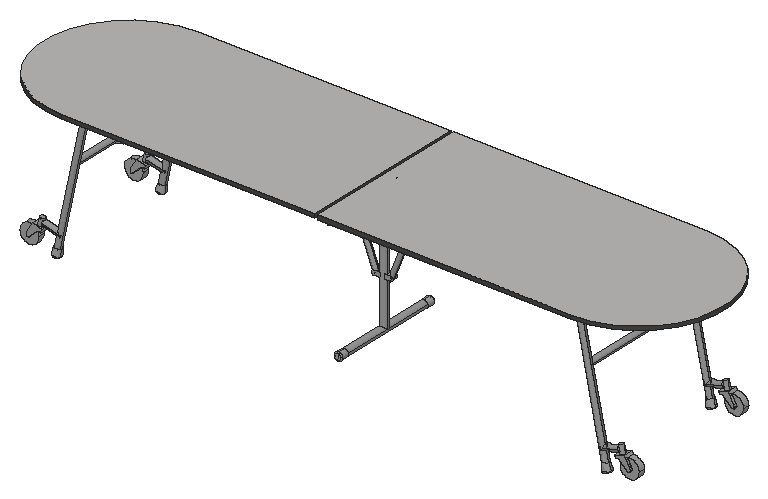
Revit family "23M El. 12 Long x 30 High WC", category Furniture, Revit 2016
Family settings
  OmniClass Number = 23.40.20.00
  OmniClass Title = General Furniture and Specialties
  Work Plane-Based = No
  Always vertical = Yes
  Cut with Voids When Loaded = No
  Shared = No
  Room Calculation Point = No
Parameters (values of type "23M15303612EL")
  Width = 3' - 0"
  Top [instance] = Palmer Hamilton Lt Gry
  Open [instance] = yes
  Model = "23M15303612EL"
  Length = 6' - 0"
  Frame [instance] = Palmer Hamilton - Frame
  Edge [instance] = Palmer Hamilton - Edge
  Closed [instance] = not(Open)  # no
Reference planes (in)
  plane 1 "Center Front/Back": y = 0
  plane 2: z = 0
  plane 3 "Center Left/Right": x = 0
  plane 4: x = -63.24988
Forms (in)
  Extrusion 1, solid, visible <- "Open"
    sketch origin (0, 0, 0) x (1, 0, 0) y (0, 1, 0)
      loop
        arc (-54, 18) -> (-72, 0) -> (-54, -18) r 18
        line (-54, -18) -> (-0.375, -18) -> (-0.375, 18) -> (-54, 18)
    from 29.47242 to 30.28742
  Extrusion 2, solid, material "Palmer Hamilton - Frame" <- "Frame", visible <- "Open"
    sketch origin (0, 0, 0) x (1, 0, 0) y (0, 1, 0)
      loop
        line (-1, 14.5647) -> (-56.00047, 14.5647) -> (-56.00047, 14.4397) -> (-1, 14.4397) -> (-1, 14.5647)
      loop
        line (-1, -14.5647) -> (-1, -14.4397) -> (-56.00047, -14.4397) -> (-56.00047, -14.5647) -> (-1, -14.5647)
      loop
        line (-1, -2.9406) -> (-1, -2.8156) -> (-11.25, -2.8156) -> (-11.25, -2.9406) -> (-1, -2.9406)
      loop
        line (-11.25, 2.6994) -> (-11.25, 2.5744) -> (-1, 2.5744) -> (-1, 2.6994) -> (-11.25, 2.6994)
    from 27.72242 to 29.47242
  Extrusion 3, solid, material "Palmer Hamilton - Frame" <- "Frame", visible <- "Open"
    sketch origin (0, 0, 3.05459) x (1, 0, 0) y (0, 0, 1)
      loop
        line (-1, 25.71687) -> (-1, 26.41783) -> (-2.2141, 26.41783) -> (-2.2141, 24.66783) -> (-1.68301, 24.66783) -> (-0.3125, 23.87657)
        arc (-0.3125, 23.87657) -> (0.54127, 24.10533) -> (0.3125, 24.9591) r 0.625
        line (0.3125, 24.9591) -> (-1, 25.71687)
    from 14.5647 to 14.6547
  Extrusion 4, solid, material "Palmer Hamilton - Frame" <- "Frame", visible <- "Open"
    sketch origin (0, 0, 3.05459) x (1, 0, 0) y (0, 0, 1)
      loop
        line (-1, 25.71687) -> (-1, 26.41783) -> (-2.2141, 26.41783) -> (-2.2141, 24.66783) -> (-1.68301, 24.66783) -> (-0.3125, 23.87657)
        arc (-0.3125, 23.87657) -> (0.54127, 24.10533) -> (0.3125, 24.9591) r 0.625
        line (0.3125, 24.9591) -> (-1, 25.71687)
    from -14.4397 to -14.2345
  Extrusion 5, solid, material "Palmer Hamilton - Frame" <- "Frame", visible <- "Open"
    sketch origin (-20.91233, -1.84334, -4.2038) x (0.97817, 0, -0.207805) y (0, 1, 0)
      loop
        circle (-37.61218, -11.99504) r 0.625
    from -1.73801 to 25.54283
  Extrusion 6, solid, material "Palmer Hamilton - Frame" <- "Frame", visible <- "Open"
    sketch origin (-26.09098, -1.84334, -7.59113) x (0.96853, 0, -0.248899) y (0, 1, 0)
      loop
        circle (-37.61218, -11.99504) r 0.5
    from 3.24005 to 4.80312
  Extrusion 7, solid, material "Palmer Hamilton - Frame" <- "Frame", visible <- "Open"
    sketch origin (-18.63625, -1.84334, -8.39066) x (0, 1, 0) y (0.248899, 0, 0.96853)
      loop
        circle (-11.99504, 2.93123) r 0.625
    from -44.60154 to -40.56576
  Extrusion 8, solid, material "Palmer Hamilton - Steel", visible <- "Open"
    sketch origin (-11.89553, 0, 0) x (1, 0, 0) y (0, 0, 1)
      loop
        line (-52.03289, 3.19045) -> (-52.13109, 2.60323)
        arc (-52.13109, 2.60323) -> (-52.09644, 2.45601) -> (-51.96719, 2.37748) r 0.19565
        line (-51.96719, 2.37748) -> (-51.66391, 2.3319) -> (-49.7575, 4.11073) -> (-49.03037, 4.04579) -> (-48.86921, 4.64752) -> (-50.88816, 5.18826) -> (-52.03289, 3.19045)
    from 12.75797 to 14.81873
  Extrusion 9, solid, material "Palmer Hamilton - Caster", visible <- "Open"
    sketch origin (-11.89553, 0, 0) x (1, 0, 0) y (0, 0, 1)
      loop
        circle (-51.73769, 2.82768) r 2
    from 13.19373 to 14.44373
  Revolve 10, solid, material "Palmer Hamilton - Caster", visible <- "Open"
    sketch origin (-12.50496, -13.81873, 0.12954) x (1, 0, 0) y (0, 0, 1)
      loop
        line (-45.5482, 1.78014) -> (-46.23778, 1.92672) -> (-46.75081, 0.51718)
        arc (-46.75081, 0.51718) -> (-46.74816, 0.39542) -> (-46.66395, 0.30744) r 0.16803
        line (-46.66395, 0.30744) -> (-45.89593, 0.14419) -> (-45.5482, 1.78014)
      axis (-45.5482, 1.78014) -> (-45.89593, 0.14419)
    angle from 0 to 360
  Extrusion 11, solid, material "Palmer Hamilton - Frame" <- "Frame", visible <- "Open"
    sketch origin (-20.91233, 1.84334, -4.2038) x (0.97817, 0, -0.207805) y (0, 1, 0)
      loop
        circle (-37.61218, 11.99504) r 0.625
    from -1.73801 to 25.54283
  Extrusion 12, solid, material "Palmer Hamilton - Frame" <- "Frame", visible <- "Open"
    sketch origin (-26.09098, 1.84334, -7.59113) x (0.96853, 0, -0.248899) y (0, 1, 0)
      loop
        circle (-37.61218, 11.99504) r 0.5
    from 3.24005 to 4.80312
  Extrusion 13, solid, material "Palmer Hamilton - Frame" <- "Frame", visible <- "Open"
    sketch origin (-18.63625, 1.84334, -8.39066) x (0, -1, 0) y (-0.248899, 0, -0.96853)
      loop
        circle (-11.99504, -2.93123) r 0.625
    from -44.60154 to -40.56576
  Extrusion 14, solid, material "Palmer Hamilton - Steel", visible <- "Open"
    sketch origin (-11.89553, 0, 0) x (1, 0, 0) y (0, 0, -1)
      loop
        line (-52.03289, -3.19045) -> (-50.88816, -5.18826) -> (-48.86921, -4.64752) -> (-49.03037, -4.04579) -> (-49.7575, -4.11073) -> (-51.66391, -2.3319) -> (-51.96719, -2.37748)
        arc (-51.96719, -2.37748) -> (-52.09644, -2.45601) -> (-52.13109, -2.60323) r 0.19565
        line (-52.13109, -2.60323) -> (-52.03289, -3.19045)
    from 12.75797 to 14.81873
  Extrusion 15, solid, material "Palmer Hamilton - Caster", visible <- "Open"
    sketch origin (-11.89553, 0, 0) x (1, 0, 0) y (0, 0, -1)
      loop
        circle (-51.73769, -2.82768) r 2
    from 13.19373 to 14.44373
  Revolve 16, solid, material "Palmer Hamilton - Caster", visible <- "Open"
    sketch origin (-12.50496, 13.81873, 0.12954) x (1, 0, 0) y (0, 0, -1)
      loop
        line (-45.5482, -1.78014) -> (-45.89593, -0.14419) -> (-46.66395, -0.30744)
        arc (-46.66395, -0.30744) -> (-46.74816, -0.39542) -> (-46.75081, -0.51718) r 0.16803
        line (-46.75081, -0.51718) -> (-46.23778, -1.92672) -> (-45.5482, -1.78014)
      axis (-45.5482, -1.78014) -> (-45.89593, -0.14419)
    angle from 0 to 360
  Extrusion 17, solid, material "Palmer Hamilton - Frame" <- "Frame", visible <- "Open"
    sketch origin (-11.89553, 0, 3.05459) x (1, 0, 0) y (0, 0, 1)
      loop
        circle (-42.48052, 16.22033) r 0.625
    from -13.80887 to 13.79175
  Extrusion 18, solid, material "Palmer Hamilton - Frame" <- "Frame", visible <- "Open"
    sketch origin (0, 0, -0.05827) x (1, 0, 0) y (0, 0, 1)
      loop
        circle (0, 0.81533) r 0.75
    from -10.64625 to 10.58375
  Revolve 19, solid, material "Palmer Hamilton - Caster", visible <- "Open"
    sketch origin (0, 0, 0) x (0, 1, 0) y (0, 0, 1)
      loop
        arc (-12.1243, 1.60492) -> (-12.21555, 1.56995) -> (-12.25375, 1.48) r 0.125
        line (-12.25375, 1.48) -> (-12.25375, 0.77853) -> (-10.58375, 0.77853) -> (-10.58375, 1.55) -> (-12.1243, 1.60492)
      axis (-10.58375, 0.77853) -> (-12.25375, 0.77853)
    angle from 0 to 360
  Revolve 20, solid, material "Palmer Hamilton - Caster", visible <- "Open"
    sketch origin (0, 0, 0) x (0, -1, 0) y (0, 0, 1)
      loop
        arc (-12.1243, 1.60492) -> (-12.21555, 1.56995) -> (-12.25375, 1.48) r 0.125
        line (-12.25375, 1.48) -> (-12.25375, 0.77853) -> (-10.58375, 0.77853) -> (-10.58375, 1.55) -> (-12.1243, 1.60492)
      axis (-10.58375, 0.77853) -> (-12.25375, 0.77853)
    angle from 0 to 360
  Extrusion 21, solid, material "Palmer Hamilton - Frame" <- "Frame", visible <- "Open"
    sketch origin (0, 0, 0) x (1, 0, 0) y (0, 1, 0)
      loop
        circle (0, 0) r 0.75
    from 0.78805 to 29.47242
  Extrusion 22, solid, material "Palmer Hamilton - Frame" <- "Frame", visible <- "Open"
    sketch origin (8.36945, 0, 7.77401) x (0.931065, 0, 0.364854) y (0, 1, 0)
      loop
        circle (-8.10904, 0) r 0.5
    from 6.40638 to 25.54283
  Extrusion 23, solid, material "Palmer Hamilton - Frame" <- "Frame", visible <- "Open"
    sketch origin (0, 0, 3.05459) x (1, 0, 0) y (0, 0, 1)
      loop
        arc (-1.632, 8.5165) -> (-2.132, 8.0165) -> (-1.632, 7.5165) r 0.5
        line (-1.632, 7.5165) -> (1.632, 7.5165)
        arc (1.632, 7.5165) -> (2.132, 8.0165) -> (1.632, 8.5165) r 0.5
        line (1.632, 8.5165) -> (-1.632, 8.5165)
    from -0.69625 to 0.63375
  Extrusion 24, solid, material "Palmer Hamilton - Frame" <- "Frame", visible <- "Open"
    sketch origin (-11.89553, 0, 3.05459) x (1, 0, 0) y (0, 0, 1)
      loop
        arc (-40.07379, 16.44822) -> (-39.75284, 17.07829) -> (-40.38291, 17.39924) r 0.5
        line (-40.38291, 17.39924) -> (-42.23788, 16.7963) -> (-41.9787, 15.82905) -> (-40.07379, 16.44822)
    from 2.89343 to 4.17468
  Sweep 25, solid, material "Palmer Hamilton - Frame" <- "Frame", visible <- "Open"
    path origin (0, -3.5, 3.05459) x (1, 0, 0) y (0, 0, 1)
      loop
        line (-52.73102, 16.79648) -> (-30.21127, 22.57778)
        arc (-30.21127, 22.57778) -> (-29.96808, 22.62958) -> (-29.72145, 22.66105) r 3
        line (-29.72145, 22.66105) -> (0, 25.2081)
    profile origin (-41.47114, -3.5, 22.74172) x (-0.248658, 0, 0.968591) y (0, -1, 0)
      loop
        circle (0.00202, 0) r 0.5
  Extrusion 26, solid, material "Palmer Hamilton - Frame" <- "Frame", visible <- "Open"
    sketch origin (0, 0, 0) x (-1, 0, 0) y (0, -1, 0)
      loop
        circle (0, 0) r 0.75
    from 0.78805 to 29.47242
  Extrusion 27, solid, visible <- "Closed"
    sketch origin (26.75135, 0, 74.24432) x (0.235142, 0, 0.971961) y (0, 1, 0)
      loop
        arc (-57.85714, 18) -> (-75.85714, 0) -> (-57.85714, -18) r 18
        line (-57.85714, -18) -> (1.76786, -18) -> (1.76786, 18) -> (-57.85714, 18)
    from 29.47242 to 30.28742
  Extrusion 28, solid, material "Palmer Hamilton - Frame" <- "Frame", visible <- "Closed"
    sketch origin (26.75135, 0, 74.24432) x (0.235142, 0, 0.971961) y (0, 1, 0)
      loop
        line (-1, 14.5647) -> (-56.00047, 14.5647) -> (-56.00047, 14.4397) -> (-1, 14.4397) -> (-1, 14.5647)
      loop
        line (-1, -14.5647) -> (-1, -14.4397) -> (-56.00047, -14.4397) -> (-56.00047, -14.5647) -> (-1, -14.5647)
      loop
        line (-1, -2.9406) -> (-1, -2.8156) -> (-11.25, -2.8156) -> (-11.25, -2.9406) -> (-1, -2.9406)
      loop
        line (-11.25, 2.6994) -> (-11.25, 2.5744) -> (-1, 2.5744) -> (-1, 2.6994) -> (-11.25, 2.6994)
    from 27.72242 to 29.47242
  Extrusion 29, solid, material "Palmer Hamilton - Frame" <- "Frame", visible <- "Closed"
    sketch origin (23.78241, 0, 74.96259) x (0.235142, 0, 0.971961) y (-0.971961, 0, 0.235142)
      loop
        line (-1, 25.71687) -> (-1, 26.41783) -> (-2.2141, 26.41783) -> (-2.2141, 24.66783) -> (-1.68301, 24.66783) -> (-0.3125, 23.87657)
        arc (-0.3125, 23.87657) -> (0.54127, 24.10533) -> (0.3125, 24.9591) r 0.625
        line (0.3125, 24.9591) -> (-1, 25.71687)
    from 14.5647 to 14.6547
  Extrusion 30, solid, material "Palmer Hamilton - Frame" <- "Frame", visible <- "Closed"
    sketch origin (23.78241, 0, 74.96259) x (0.235142, 0, 0.971961) y (-0.971961, 0, 0.235142)
      loop
        line (-1, 25.71687) -> (-1, 26.41783) -> (-2.2141, 26.41783) -> (-2.2141, 24.66783) -> (-1.68301, 24.66783) -> (-0.3125, 23.87657)
        arc (-0.3125, 23.87657) -> (0.54127, 24.10533) -> (0.3125, 24.9591) r 0.625
        line (0.3125, 24.9591) -> (-1, 25.71687)
    from -14.4397 to -14.2345
  Extrusion 31, solid, material "Palmer Hamilton - Frame" <- "Frame", visible <- "Closed"
    sketch origin (0, 0, 41.82648) x (1, 0, 0) y (0, 0, 1)
      loop
        circle (0, 0.81533) r 0.75
    from -10.64625 to 10.58375
  Revolve 32, solid, material "Palmer Hamilton - Caster", visible <- "Closed"
    sketch origin (0, 0, 41.88475) x (0, 1, 0) y (0, 0, 1)
      loop
        arc (-12.1243, 1.60492) -> (-12.21555, 1.56995) -> (-12.25375, 1.48) r 0.125
        line (-12.25375, 1.48) -> (-12.25375, 0.77853) -> (-10.58375, 0.77853) -> (-10.58375, 1.55) -> (-12.1243, 1.60492)
      axis (-10.58375, 0.77853) -> (-12.25375, 0.77853)
    angle from 0 to 360
  Revolve 33, solid, material "Palmer Hamilton - Caster", visible <- "Closed"
    sketch origin (0, 0, 41.88475) x (0, -1, 0) y (0, 0, 1)
      loop
        arc (-12.1243, 1.60492) -> (-12.21555, 1.56995) -> (-12.25375, 1.48) r 0.125
        line (-12.25375, 1.48) -> (-12.25375, 0.77853) -> (-10.58375, 0.77853) -> (-10.58375, 1.55) -> (-12.1243, 1.60492)
      axis (-10.58375, 0.77853) -> (-12.25375, 0.77853)
    angle from 0 to 360
  Extrusion 34, solid, material "Palmer Hamilton - Frame" <- "Frame", visible <- "Closed"
    sketch origin (7.0686, 0, 47.03343) x (0.995588, 0, 0.093832) y (0, 1, 0)
      loop
        circle (-8.10904, 0) r 0.5
    from 6.40638 to 25.54283
  Extrusion 35, solid, material "Palmer Hamilton - Frame" <- "Frame", visible <- "Closed"
    sketch origin (0, 0, 44.93934) x (1, 0, 0) y (0, 0, 1)
      loop
        arc (-1.632, 8.5165) -> (-2.132, 8.0165) -> (-1.632, 7.5165) r 0.5
        line (-1.632, 7.5165) -> (1.632, 7.5165)
        arc (1.632, 7.5165) -> (2.132, 8.0165) -> (1.632, 8.5165) r 0.5
        line (1.632, 8.5165) -> (-1.632, 8.5165)
    from -0.69625 to 0.63375
  Extrusion 36, solid, material "Palmer Hamilton - Frame" <- "Frame", visible <- "Open"
    sketch origin (0, 0, 0) x (1, 0, 0) y (0, 1, 0)
      loop
        circle (0, 0) r 0.75
    from 0.78805 to 29.47242
  Extrusion 37, solid, material "Palmer Hamilton - Frame" <- "Frame", visible <- "Closed"
    sketch origin (0, 0, 0) x (-1, 0, 0) y (0, -1, 0)
      loop
        circle (0, 0) r 0.75
    from 42.69519 to 81.05124
  Extrusion 38, solid, material "Palmer Hamilton - Frame" <- "Frame", visible <- "Closed"
    sketch origin (26.3903, -1.84334, 7.9715) x (0.995976, 0, 0.089617) y (0, 1, 0)
      loop
        circle (-37.61218, -11.99504) r 0.625
    from -1.73801 to 25.54283
  Extrusion 39, solid, material "Palmer Hamilton - Frame" <- "Frame", visible <- "Closed"
    sketch origin (22.43953, -1.84334, 3.20875) x (0.998871, 0, 0.047507) y (0, 1, 0)
      loop
        circle (-37.61218, -11.99504) r 0.5
    from 3.24005 to 4.80312
  Extrusion 40, solid, material "Palmer Hamilton - Frame" <- "Frame", visible <- "Closed"
    sketch origin (29.79892, -1.84334, 4.64109) x (0, 1, 0) y (-0.047507, 0, 0.998871)
      loop
        circle (-11.99504, 2.93123) r 0.625
    from -44.60154 to -40.56576
  Extrusion 41, solid, material "Palmer Hamilton - Steel", visible <- "Closed"
    sketch origin (33.7683, 0, 14.64532) x (0.955612, 0, 0.294629) y (-0.294629, 0, 0.955612)
      loop
        line (-52.03289, 3.19045) -> (-52.13109, 2.60323)
        arc (-52.13109, 2.60323) -> (-52.09644, 2.45601) -> (-51.96719, 2.37748) r 0.19565
        line (-51.96719, 2.37748) -> (-51.66391, 2.3319) -> (-49.7575, 4.11073) -> (-49.03037, 4.04579) -> (-48.86921, 4.64752) -> (-50.88816, 5.18826) -> (-52.03289, 3.19045)
    from 12.75797 to 14.81873
  Extrusion 42, solid, material "Palmer Hamilton - Caster", visible <- "Closed"
    sketch origin (33.7683, 0, 14.64532) x (0.955612, 0, 0.294629) y (-0.294629, 0, 0.955612)
      loop
        circle (-51.73769, 2.82768) r 2
    from 13.19373 to 14.44373
  Revolve 43, solid, material "Palmer Hamilton - Caster", visible <- "Closed"
    sketch origin (33.14776, -13.81873, 14.58955) x (0.955612, 0, 0.294629) y (-0.294629, 0, 0.955612)
      loop
        line (-45.5482, 1.78014) -> (-46.23778, 1.92672) -> (-46.75081, 0.51718)
        arc (-46.75081, 0.51718) -> (-46.74816, 0.39542) -> (-46.66395, 0.30744) r 0.16803
        line (-46.66395, 0.30744) -> (-45.89593, 0.14419) -> (-45.5482, 1.78014)
      axis (-45.5482, 1.78014) -> (-45.89593, 0.14419)
    angle from 0 to 360
  Extrusion 44, solid, material "Palmer Hamilton - Frame" <- "Frame", visible <- "Closed"
    sketch origin (26.3903, 1.84334, 7.9715) x (0.995976, 0, 0.089617) y (0, 1, 0)
      loop
        circle (-37.61218, 11.99504) r 0.625
    from -1.73801 to 25.54283
  Extrusion 45, solid, material "Palmer Hamilton - Frame" <- "Frame", visible <- "Closed"
    sketch origin (22.43953, 1.84334, 3.20875) x (0.998871, 0, 0.047507) y (0, 1, 0)
      loop
        circle (-37.61218, 11.99504) r 0.5
    from 3.24005 to 4.80312
  Extrusion 46, solid, material "Palmer Hamilton - Frame" <- "Frame", visible <- "Closed"
    sketch origin (29.79892, 1.84334, 4.64109) x (0, -1, 0) y (0.047507, 0, -0.998871)
      loop
        circle (-11.99504, -2.93123) r 0.625
    from -44.60154 to -40.56576
  Extrusion 47, solid, material "Palmer Hamilton - Steel", visible <- "Closed"
    sketch origin (33.7683, 0, 14.64532) x (0.955612, 0, 0.294629) y (0.294629, 0, -0.955612)
      loop
        line (-52.03289, -3.19045) -> (-50.88816, -5.18826) -> (-48.86921, -4.64752) -> (-49.03037, -4.04579) -> (-49.7575, -4.11073) -> (-51.66391, -2.3319) -> (-51.96719, -2.37748)
        arc (-51.96719, -2.37748) -> (-52.09644, -2.45601) -> (-52.13109, -2.60323) r 0.19565
        line (-52.13109, -2.60323) -> (-52.03289, -3.19045)
    from 12.75797 to 14.81873
  Extrusion 48, solid, material "Palmer Hamilton - Caster", visible <- "Closed"
    sketch origin (33.7683, 0, 14.64532) x (0.955612, 0, 0.294629) y (0.294629, 0, -0.955612)
      loop
        circle (-51.73769, -2.82768) r 2
    from 13.19373 to 14.44373
  Revolve 49, solid, material "Palmer Hamilton - Caster", visible <- "Closed"
    sketch origin (33.14776, 13.81873, 14.58955) x (0.955612, 0, 0.294629) y (0.294629, 0, -0.955612)
      loop
        line (-45.5482, -1.78014) -> (-45.89593, -0.14419) -> (-46.66395, -0.30744)
        arc (-46.66395, -0.30744) -> (-46.74816, -0.39542) -> (-46.75081, -0.51718) r 0.16803
        line (-46.75081, -0.51718) -> (-46.23778, -1.92672) -> (-45.5482, -1.78014)
      axis (-45.5482, -1.78014) -> (-45.89593, -0.14419)
    angle from 0 to 360
  Extrusion 50, solid, material "Palmer Hamilton - Frame" <- "Frame", visible <- "Closed"
    sketch origin (32.86833, 0, 17.56432) x (0.955612, 0, 0.294629) y (-0.294629, 0, 0.955612)
      loop
        circle (-42.48052, 16.22033) r 0.625
    from -13.80887 to 13.79175
  Extrusion 51, solid, material "Palmer Hamilton - Frame" <- "Frame", visible <- "Closed"
    sketch origin (32.86833, 0, 17.56432) x (0.955612, 0, 0.294629) y (-0.294629, 0, 0.955612)
      loop
        arc (-40.07379, 16.44822) -> (-39.75284, 17.07829) -> (-40.38291, 17.39924) r 0.5
        line (-40.38291, 17.39924) -> (-42.23788, 16.7963) -> (-41.9787, 15.82905) -> (-40.07379, 16.44822)
    from 2.89343 to 4.17468
  Sweep 52, solid, material "Palmer Hamilton - Frame" <- "Frame", visible <- "Closed"
    path origin (0, 0, 0) x (1, 0, 0) y (0, 0, 1)
      loop
        line (-10.66963, 21.44157) -> (-7.77541, 44.43151)
        arc (-7.77541, 44.43151) -> (-7.73416, 44.6767) -> (-7.67274, 44.91764) r 3
        line (-7.67274, 44.91764) -> (1.86825, 76.76936)
    profile origin (-9.22252, 0, 32.93654) x (-0.992169, 0, 0.124905) y (0, -1, 0)
      loop
        circle (0, 0) r 0.5
  Extrusion 53, solid, visible <- "Open"
    sketch origin (0, 0, 0) x (-1, 0, 0) y (0, -1, 0)
      loop
        arc (-54, 18) -> (-72, 0) -> (-54, -18) r 18
        line (-54, -18) -> (-0.375, -18) -> (-0.375, 18) -> (-54, 18)
    from 29.47242 to 30.28742
  Extrusion 54, solid, material "Palmer Hamilton - Frame" <- "Frame", visible <- "Open"
    sketch origin (0, 0, 0) x (-1, 0, 0) y (0, -1, 0)
      loop
        line (-1, 14.5647) -> (-56.00047, 14.5647) -> (-56.00047, 14.4397) -> (-1, 14.4397) -> (-1, 14.5647)
      loop
        line (-1, -14.5647) -> (-1, -14.4397) -> (-56.00047, -14.4397) -> (-56.00047, -14.5647) -> (-1, -14.5647)
      loop
        line (-1, -2.9406) -> (-1, -2.8156) -> (-11.25, -2.8156) -> (-11.25, -2.9406) -> (-1, -2.9406)
      loop
        line (-11.25, 2.6994) -> (-11.25, 2.5744) -> (-1, 2.5744) -> (-1, 2.6994) -> (-11.25, 2.6994)
    from 27.72242 to 29.47242
  Extrusion 55, solid, material "Palmer Hamilton - Frame" <- "Frame", visible <- "Open"
    sketch origin (0, 0, 3.05459) x (-1, 0, 0) y (0, 0, 1)
      loop
        line (-1, 25.71687) -> (-1, 26.41783) -> (-2.2141, 26.41783) -> (-2.2141, 24.66783) -> (-1.68301, 24.66783) -> (-0.3125, 23.87657)
        arc (-0.3125, 23.87657) -> (0.54127, 24.10533) -> (0.3125, 24.9591) r 0.625
        line (0.3125, 24.9591) -> (-1, 25.71687)
    from 14.5647 to 14.6547
  Extrusion 56, solid, material "Palmer Hamilton - Frame" <- "Frame", visible <- "Open"
    sketch origin (0, 0, 3.05459) x (-1, 0, 0) y (0, 0, 1)
      loop
        line (-1, 25.71687) -> (-1, 26.41783) -> (-2.2141, 26.41783) -> (-2.2141, 24.66783) -> (-1.68301, 24.66783) -> (-0.3125, 23.87657)
        arc (-0.3125, 23.87657) -> (0.54127, 24.10533) -> (0.3125, 24.9591) r 0.625
        line (0.3125, 24.9591) -> (-1, 25.71687)
    from -14.4397 to -14.2345
  Extrusion 57, solid, material "Palmer Hamilton - Frame" <- "Frame", visible <- "Open"
    sketch origin (20.91233, 1.84334, -4.2038) x (-0.97817, 0, -0.207805) y (0, -1, 0)
      loop
        circle (-37.61218, -11.99504) r 0.625
    from -1.73801 to 25.54283
  Extrusion 58, solid, material "Palmer Hamilton - Frame" <- "Frame", visible <- "Open"
    sketch origin (26.09098, 1.84334, -7.59113) x (-0.96853, 0, -0.248899) y (0, -1, 0)
      loop
        circle (-37.61218, -11.99504) r 0.5
    from 3.24005 to 4.80312
  Extrusion 59, solid, material "Palmer Hamilton - Frame" <- "Frame", visible <- "Open"
    sketch origin (18.63625, 1.84334, -8.39066) x (0, -1, 0) y (-0.248899, 0, 0.96853)
      loop
        circle (-11.99504, 2.93123) r 0.625
    from -44.60154 to -40.56576
  Extrusion 60, solid, material "Palmer Hamilton - Steel", visible <- "Open"
    sketch origin (11.89553, 0, 0) x (-1, 0, 0) y (0, 0, 1)
      loop
        line (-52.03289, 3.19045) -> (-52.13109, 2.60323)
        arc (-52.13109, 2.60323) -> (-52.09644, 2.45601) -> (-51.96719, 2.37748) r 0.19565
        line (-51.96719, 2.37748) -> (-51.66391, 2.3319) -> (-49.7575, 4.11073) -> (-49.03037, 4.04579) -> (-48.86921, 4.64752) -> (-50.88816, 5.18826) -> (-52.03289, 3.19045)
    from 12.75797 to 14.81873
  Extrusion 61, solid, material "Palmer Hamilton - Caster", visible <- "Open"
    sketch origin (11.89553, 0, 0) x (-1, 0, 0) y (0, 0, 1)
      loop
        circle (-51.73769, 2.82768) r 2
    from 13.19373 to 14.44373
  Revolve 62, solid, material "Palmer Hamilton - Caster", visible <- "Open"
    sketch origin (12.50496, 13.81873, 0.12954) x (-1, 0, 0) y (0, 0, 1)
      loop
        line (-45.5482, 1.78014) -> (-46.23778, 1.92672) -> (-46.75081, 0.51718)
        arc (-46.75081, 0.51718) -> (-46.74816, 0.39542) -> (-46.66395, 0.30744) r 0.16803
        line (-46.66395, 0.30744) -> (-45.89593, 0.14419) -> (-45.5482, 1.78014)
      axis (-45.5482, 1.78014) -> (-45.89593, 0.14419)
    angle from 0 to 360
  Extrusion 63, solid, material "Palmer Hamilton - Frame" <- "Frame", visible <- "Open"
    sketch origin (20.91233, -1.84334, -4.2038) x (-0.97817, 0, -0.207805) y (0, -1, 0)
      loop
        circle (-37.61218, 11.99504) r 0.625
    from -1.73801 to 25.54283
  Extrusion 64, solid, material "Palmer Hamilton - Frame" <- "Frame", visible <- "Open"
    sketch origin (26.09098, -1.84334, -7.59113) x (-0.96853, 0, -0.248899) y (0, -1, 0)
      loop
        circle (-37.61218, 11.99504) r 0.5
    from 3.24005 to 4.80312
  Extrusion 65, solid, material "Palmer Hamilton - Frame" <- "Frame", visible <- "Open"
    sketch origin (18.63625, -1.84334, -8.39066) x (0, 1, 0) y (0.248899, 0, -0.96853)
      loop
        circle (-11.99504, -2.93123) r 0.625
    from -44.60154 to -40.56576
  Extrusion 66, solid, material "Palmer Hamilton - Steel", visible <- "Open"
    sketch origin (11.89553, 0, 0) x (-1, 0, 0) y (0, 0, -1)
      loop
        line (-52.03289, -3.19045) -> (-50.88816, -5.18826) -> (-48.86921, -4.64752) -> (-49.03037, -4.04579) -> (-49.7575, -4.11073) -> (-51.66391, -2.3319) -> (-51.96719, -2.37748)
        arc (-51.96719, -2.37748) -> (-52.09644, -2.45601) -> (-52.13109, -2.60323) r 0.19565
        line (-52.13109, -2.60323) -> (-52.03289, -3.19045)
    from 12.75797 to 14.81873
  Extrusion 67, solid, material "Palmer Hamilton - Caster", visible <- "Open"
    sketch origin (11.89553, 0, 0) x (-1, 0, 0) y (0, 0, -1)
      loop
        circle (-51.73769, -2.82768) r 2
    from 13.19373 to 14.44373
  Revolve 68, solid, material "Palmer Hamilton - Caster", visible <- "Open"
    sketch origin (12.50496, -13.81873, 0.12954) x (-1, 0, 0) y (0, 0, -1)
      loop
        line (-45.5482, -1.78014) -> (-45.89593, -0.14419) -> (-46.66395, -0.30744)
        arc (-46.66395, -0.30744) -> (-46.74816, -0.39542) -> (-46.75081, -0.51718) r 0.16803
        line (-46.75081, -0.51718) -> (-46.23778, -1.92672) -> (-45.5482, -1.78014)
      axis (-45.5482, -1.78014) -> (-45.89593, -0.14419)
    angle from 0 to 360
  Extrusion 69, solid, material "Palmer Hamilton - Frame" <- "Frame", visible <- "Open"
    sketch origin (11.89553, 0, 3.05459) x (-1, 0, 0) y (0, 0, 1)
      loop
        circle (-42.48052, 16.22033) r 0.625
    from -13.80887 to 13.79175
  Extrusion 70, solid, material "Palmer Hamilton - Frame" <- "Frame", visible <- "Open"
    sketch origin (-8.36945, 0, 7.77401) x (-0.931065, 0, 0.364854) y (0, -1, 0)
      loop
        circle (-8.10904, 0) r 0.5
    from 6.40638 to 25.54283
  Extrusion 71, solid, material "Palmer Hamilton - Frame" <- "Frame", visible <- "Open"
    sketch origin (11.89553, 0, 3.05459) x (-1, 0, 0) y (0, 0, 1)
      loop
        arc (-40.07379, 16.44822) -> (-39.75284, 17.07829) -> (-40.38291, 17.39924) r 0.5
        line (-40.38291, 17.39924) -> (-42.23788, 16.7963) -> (-41.9787, 15.82905) -> (-40.07379, 16.44822)
    from 2.89343 to 4.17468
  Sweep 72, solid, material "Palmer Hamilton - Frame" <- "Frame", visible <- "Open"
    path origin (0, 3.5, 3.05459) x (-1, 0, 0) y (0, 0, 1)
      loop
        line (-52.73102, 16.79648) -> (-30.21127, 22.57778)
        arc (-30.21127, 22.57778) -> (-29.96808, 22.62958) -> (-29.72145, 22.66105) r 3
        line (-29.72145, 22.66105) -> (0, 25.2081)
    profile origin (41.47114, 3.5, 22.74172) x (0.248658, 0, 0.968591) y (0, 1, 0)
      loop
        circle (0.00202, 0) r 0.5
  Extrusion 73, solid, visible <- "Closed"
    sketch origin (-26.75135, 0, 74.24432) x (-0.235142, 0, 0.971961) y (0, -1, 0)
      loop
        arc (-57.85714, 18) -> (-75.85714, 0) -> (-57.85714, -18) r 18
        line (-57.85714, -18) -> (1.76786, -18) -> (1.76786, 18) -> (-57.85714, 18)
    from 29.47242 to 30.28742
  Extrusion 74, solid, material "Palmer Hamilton - Frame" <- "Frame", visible <- "Closed"
    sketch origin (-26.75135, 0, 74.24432) x (-0.235142, 0, 0.971961) y (0, -1, 0)
      loop
        line (-1, 14.5647) -> (-56.00047, 14.5647) -> (-56.00047, 14.4397) -> (-1, 14.4397) -> (-1, 14.5647)
      loop
        line (-1, -14.5647) -> (-1, -14.4397) -> (-56.00047, -14.4397) -> (-56.00047, -14.5647) -> (-1, -14.5647)
      loop
        line (-1, -2.9406) -> (-1, -2.8156) -> (-11.25, -2.8156) -> (-11.25, -2.9406) -> (-1, -2.9406)
      loop
        line (-11.25, 2.6994) -> (-11.25, 2.5744) -> (-1, 2.5744) -> (-1, 2.6994) -> (-11.25, 2.6994)
    from 27.72242 to 29.47242
  Extrusion 75, solid, material "Palmer Hamilton - Frame" <- "Frame", visible <- "Closed"
    sketch origin (-23.78241, 0, 74.96259) x (-0.235142, 0, 0.971961) y (0.971961, 0, 0.235142)
      loop
        line (-1, 25.71687) -> (-1, 26.41783) -> (-2.2141, 26.41783) -> (-2.2141, 24.66783) -> (-1.68301, 24.66783) -> (-0.3125, 23.87657)
        arc (-0.3125, 23.87657) -> (0.54127, 24.10533) -> (0.3125, 24.9591) r 0.625
        line (0.3125, 24.9591) -> (-1, 25.71687)
    from 14.5647 to 14.6547
  Extrusion 76, solid, material "Palmer Hamilton - Frame" <- "Frame", visible <- "Closed"
    sketch origin (-23.78241, 0, 74.96259) x (-0.235142, 0, 0.971961) y (0.971961, 0, 0.235142)
      loop
        line (-1, 25.71687) -> (-1, 26.41783) -> (-2.2141, 26.41783) -> (-2.2141, 24.66783) -> (-1.68301, 24.66783) -> (-0.3125, 23.87657)
        arc (-0.3125, 23.87657) -> (0.54127, 24.10533) -> (0.3125, 24.9591) r 0.625
        line (0.3125, 24.9591) -> (-1, 25.71687)
    from -14.4397 to -14.2345
  Extrusion 77, solid, material "Palmer Hamilton - Frame" <- "Frame", visible <- "Closed"
    sketch origin (-7.0686, 0, 47.03343) x (-0.995588, 0, 0.093832) y (0, -1, 0)
      loop
        circle (-8.10904, 0) r 0.5
    from 6.40638 to 25.54283
  Extrusion 78, solid, material "Palmer Hamilton - Frame" <- "Frame", visible <- "Closed"
    sketch origin (-26.3903, 1.84334, 7.9715) x (-0.995976, 0, 0.089617) y (0, -1, 0)
      loop
        circle (-37.61218, -11.99504) r 0.625
    from -1.73801 to 25.54283
  Extrusion 79, solid, material "Palmer Hamilton - Frame" <- "Frame", visible <- "Closed"
    sketch origin (-22.43953, 1.84334, 3.20875) x (-0.998871, 0, 0.047507) y (0, -1, 0)
      loop
        circle (-37.61218, -11.99504) r 0.5
    from 3.24005 to 4.80312
  Extrusion 80, solid, material "Palmer Hamilton - Frame" <- "Frame", visible <- "Closed"
    sketch origin (-29.79892, 1.84334, 4.64109) x (0, -1, 0) y (0.047507, 0, 0.998871)
      loop
        circle (-11.99504, 2.93123) r 0.625
    from -44.60154 to -40.56576
  Extrusion 81, solid, material "Palmer Hamilton - Steel", visible <- "Closed"
    sketch origin (-33.7683, 0, 14.64532) x (-0.955612, 0, 0.294629) y (0.294629, 0, 0.955612)
      loop
        line (-52.03289, 3.19045) -> (-52.13109, 2.60323)
        arc (-52.13109, 2.60323) -> (-52.09644, 2.45601) -> (-51.96719, 2.37748) r 0.19565
        line (-51.96719, 2.37748) -> (-51.66391, 2.3319) -> (-49.7575, 4.11073) -> (-49.03037, 4.04579) -> (-48.86921, 4.64752) -> (-50.88816, 5.18826) -> (-52.03289, 3.19045)
    from 12.75797 to 14.81873
  Extrusion 82, solid, material "Palmer Hamilton - Caster", visible <- "Closed"
    sketch origin (-33.7683, 0, 14.64532) x (-0.955612, 0, 0.294629) y (0.294629, 0, 0.955612)
      loop
        circle (-51.73769, 2.82768) r 2
    from 13.19373 to 14.44373
  Revolve 83, solid, material "Palmer Hamilton - Caster", visible <- "Closed"
    sketch origin (-33.14776, 13.81873, 14.58955) x (-0.955612, 0, 0.294629) y (0.294629, 0, 0.955612)
      loop
        line (-45.5482, 1.78014) -> (-46.23778, 1.92672) -> (-46.75081, 0.51718)
        arc (-46.75081, 0.51718) -> (-46.74816, 0.39542) -> (-46.66395, 0.30744) r 0.16803
        line (-46.66395, 0.30744) -> (-45.89593, 0.14419) -> (-45.5482, 1.78014)
      axis (-45.5482, 1.78014) -> (-45.89593, 0.14419)
    angle from 0 to 360
  Extrusion 84, solid, material "Palmer Hamilton - Frame" <- "Frame", visible <- "Closed"
    sketch origin (-26.3903, -1.84334, 7.9715) x (-0.995976, 0, 0.089617) y (0, -1, 0)
      loop
        circle (-37.61218, 11.99504) r 0.625
    from -1.73801 to 25.54283
  Extrusion 85, solid, material "Palmer Hamilton - Frame" <- "Frame", visible <- "Closed"
    sketch origin (-22.43953, -1.84334, 3.20875) x (-0.998871, 0, 0.047507) y (0, -1, 0)
      loop
        circle (-37.61218, 11.99504) r 0.5
    from 3.24005 to 4.80312
  Extrusion 86, solid, material "Palmer Hamilton - Frame" <- "Frame", visible <- "Closed"
    sketch origin (-29.79892, -1.84334, 4.64109) x (0, 1, 0) y (-0.047507, 0, -0.998871)
      loop
        circle (-11.99504, -2.93123) r 0.625
    from -44.60154 to -40.56576
  Extrusion 87, solid, material "Palmer Hamilton - Steel", visible <- "Closed"
    sketch origin (-33.7683, 0, 14.64532) x (-0.955612, 0, 0.294629) y (-0.294629, 0, -0.955612)
      loop
        line (-52.03289, -3.19045) -> (-50.88816, -5.18826) -> (-48.86921, -4.64752) -> (-49.03037, -4.04579) -> (-49.7575, -4.11073) -> (-51.66391, -2.3319) -> (-51.96719, -2.37748)
        arc (-51.96719, -2.37748) -> (-52.09644, -2.45601) -> (-52.13109, -2.60323) r 0.19565
        line (-52.13109, -2.60323) -> (-52.03289, -3.19045)
    from 12.75797 to 14.81873
  Extrusion 88, solid, material "Palmer Hamilton - Caster", visible <- "Closed"
    sketch origin (-33.7683, 0, 14.64532) x (-0.955612, 0, 0.294629) y (-0.294629, 0, -0.955612)
      loop
        circle (-51.73769, -2.82768) r 2
    from 13.19373 to 14.44373
  Revolve 89, solid, material "Palmer Hamilton - Caster", visible <- "Closed"
    sketch origin (-33.14776, -13.81873, 14.58955) x (-0.955612, 0, 0.294629) y (-0.294629, 0, -0.955612)
      loop
        line (-45.5482, -1.78014) -> (-45.89593, -0.14419) -> (-46.66395, -0.30744)
        arc (-46.66395, -0.30744) -> (-46.74816, -0.39542) -> (-46.75081, -0.51718) r 0.16803
        line (-46.75081, -0.51718) -> (-46.23778, -1.92672) -> (-45.5482, -1.78014)
      axis (-45.5482, -1.78014) -> (-45.89593, -0.14419)
    angle from 0 to 360
  Extrusion 90, solid, material "Palmer Hamilton - Frame" <- "Frame", visible <- "Closed"
    sketch origin (-32.86833, 0, 17.56432) x (-0.955612, 0, 0.294629) y (0.294629, 0, 0.955612)
      loop
        circle (-42.48052, 16.22033) r 0.625
    from -13.80887 to 13.79175
  Extrusion 91, solid, material "Palmer Hamilton - Frame" <- "Frame", visible <- "Closed"
    sketch origin (-32.86833, 0, 17.56432) x (-0.955612, 0, 0.294629) y (0.294629, 0, 0.955612)
      loop
        arc (-40.07379, 16.44822) -> (-39.75284, 17.07829) -> (-40.38291, 17.39924) r 0.5
        line (-40.38291, 17.39924) -> (-42.23788, 16.7963) -> (-41.9787, 15.82905) -> (-40.07379, 16.44822)
    from 2.89343 to 4.17468
  Sweep 92, solid, material "Palmer Hamilton - Frame" <- "Frame", visible <- "Closed"
    path origin (0, 0, 0) x (-1, 0, 0) y (0, 0, 1)
      loop
        line (-10.66963, 21.44157) -> (-7.77541, 44.43151)
        arc (-7.77541, 44.43151) -> (-7.73416, 44.6767) -> (-7.67274, 44.91764) r 3
        line (-7.67274, 44.91764) -> (1.86825, 76.76936)
    profile origin (9.22252, 0, 32.93654) x (0.992169, 0, 0.124905) y (0, 1, 0)
      loop
        circle (0, 0) r 0.5
Dimensions and locks (in)
  "Length": Extrusion 1 sketch curve to plane 3 "Center Left/Right"
  "Width": Extrusion 1 sketch curve to Extrusion 1 sketch curve
  "Width": Extrusion 27 sketch curve to Extrusion 27 sketch curve
  "Width": Extrusion 53 sketch curve to Extrusion 53 sketch curve
  "Width": Extrusion 73 sketch curve to Extrusion 73 sketch curve
  "Length": plane 3 "Center Left/Right" to Extrusion 53 sketch curve
  equal spacing: Extrusion 53 sketch curve, plane 1 "Center Front/Back", Extrusion 53 sketch curve
  equal spacing: Extrusion 1 sketch curve, plane 1 "Center Front/Back", Extrusion 1 sketch curve
  equal spacing: Extrusion 27 sketch curve, plane 1 "Center Front/Back", Extrusion 27 sketch curve
  equal spacing: Extrusion 73 sketch curve, plane 1 "Center Front/Back", Extrusion 73 sketch curve
  aligned and locked: level to plane 2
Automatic sketch dimensions
  plane 4 to Extrusion 2 sketch curve = 0' - 7.24941"  (x2)
  Extrusion 2 sketch curve to plane 1 "Center Front/Back" = 0' - 2.6994"
  Extrusion 2 sketch curve to plane 3 "Center Left/Right" = 0' - 11 1/4"
  Extrusion 2 sketch curve to Extrusion 2 sketch curve = 0' - 0"
  Extrusion 2 sketch curve to plane 3 "Center Left/Right" = 0' - 1"  (x4)
  Extrusion 2 sketch curve to Extrusion 2 sketch curve = 0' - 0 1/8"  (x4)
  plane 1 "Center Front/Back" to Extrusion 2 sketch curve = 0' - 2.8156"
  plane 1 "Center Front/Back" to Extrusion 2 sketch curve = 1' - 2.4397"
  Extrusion 2 sketch curve to Extrusion 2 sketch curve = 0' - 11.7403"
  Extrusion 3 sketch curve to plane 3 "Center Left/Right" = 0' - 0"
  Extrusion 3 sketch curve to plane 3 "Center Left/Right" = 0' - 0 5/16"
  Extrusion 3 sketch curve to plane 3 "Center Left/Right" = 0' - 1"
  Extrusion 3 sketch curve to Extrusion 3 sketch curve = 0' - 0.68301"
  Extrusion 3 sketch curve to Extrusion 3 sketch curve = 0' - 1.2141"
  plane 3 "Center Left/Right" to Extrusion 3 sketch curve = 0' - 0 5/16"
  level to Extrusion 3 sketch curve = 2' - 2.93116"
  Extrusion 3 sketch curve to Extrusion 3 sketch curve = 0' - 0.54127"
  Extrusion 3 sketch curve to Extrusion 3 sketch curve = 0' - 0.79127"
  Extrusion 3 sketch curve to Extrusion 3 sketch curve = 0' - 1.04904"
  Extrusion 3 sketch curve to Extrusion 3 sketch curve = 0' - 0.70096"
  Extrusion 4 sketch curve to plane 3 "Center Left/Right" = 0' - 0"
  Extrusion 4 sketch curve to plane 3 "Center Left/Right" = 0' - 0 5/16"
  Extrusion 4 sketch curve to plane 3 "Center Left/Right" = 0' - 1"
  Extrusion 4 sketch curve to Extrusion 4 sketch curve = 0' - 0.68301"
  Extrusion 4 sketch curve to Extrusion 4 sketch curve = 0' - 1.2141"
  plane 3 "Center Left/Right" to Extrusion 4 sketch curve = 0' - 0 5/16"
  level to Extrusion 4 sketch curve = 2' - 2.93116"
  Extrusion 4 sketch curve to Extrusion 4 sketch curve = 0' - 0.54127"
  Extrusion 4 sketch curve to Extrusion 4 sketch curve = 0' - 0.79127"
  Extrusion 4 sketch curve to Extrusion 4 sketch curve = 0' - 1.04904"
  Extrusion 4 sketch curve to Extrusion 4 sketch curve = 0' - 0.70096"
  plane 1 "Center Front/Back" to Extrusion 5 sketch curve = 1' - 1.83838"
  plane 1 "Center Front/Back" to Extrusion 6 sketch curve = 1' - 1.83838"
  plane 1 "Center Front/Back" to Extrusion 7 sketch curve = 1' - 1.83838"
  Extrusion 8 sketch curve to plane 4 = 0' - 0.77674"
  Extrusion 8 sketch curve to Extrusion 8 sketch curve = 0' - 0.0982"
  Extrusion 8 sketch curve to Extrusion 8 sketch curve = 0' - 0.1639"
  Extrusion 8 sketch curve to Extrusion 8 sketch curve = 0' - 0.19297"
  Extrusion 8 sketch curve to Extrusion 8 sketch curve = 0' - 0.30329"
  plane 4 to Extrusion 8 sketch curve = 0' - 0.46618"
  Extrusion 8 sketch curve to Extrusion 8 sketch curve = 0' - 1.13066"
  Extrusion 8 sketch curve to Extrusion 8 sketch curve = 0' - 0.72713"
  Extrusion 8 sketch curve to Extrusion 8 sketch curve = 0' - 0.16116"
  level to Extrusion 8 sketch curve = 0' - 2.3319"
  Extrusion 8 sketch curve to Extrusion 8 sketch curve = 0' - 0.04557"
  Extrusion 8 sketch curve to Extrusion 8 sketch curve = 0' - 0.19348"
  Extrusion 8 sketch curve to Extrusion 8 sketch curve = 0' - 0.58722"
  Extrusion 8 sketch curve to Extrusion 8 sketch curve = 0' - 0.85534"
  Extrusion 8 sketch curve to Extrusion 8 sketch curve = 0' - 0.06493"
  Extrusion 8 sketch curve to Extrusion 8 sketch curve = 0' - 0.60173"
  Extrusion 9 sketch curve to plane 4 = 0' - 0.38334"
  level to Extrusion 9 sketch curve = 0' - 2.82768"
  level to Revolve 10 sketch curve = 0' - 0.64671"
  plane 4 to Revolve 10 sketch curve = 0' - 3.99411"
  level to Revolve 10 sketch curve = 0' - 0.43697"
  Revolve 10 sketch curve to Revolve 10 sketch curve = 0' - 0.08686"
  Revolve 10 sketch curve to Revolve 10 sketch curve = 0' - 0.15789"
  level to Revolve 10 sketch curve = 0' - 2.05625"
  Revolve 10 sketch curve to Revolve 10 sketch curve = 0' - 0.51303"
  level to Revolve 10 sketch curve = 0' - 0.27373"  (x2)
  Revolve 10 sketch curve to Revolve 10 sketch curve = 0' - 0.69699"
  Revolve 10 sketch curve to Revolve 10 sketch curve = 0' - 0"  (x2)
  level to Revolve 10 sketch curve = 0' - 1.90968"
  Extrusion 11 sketch curve to plane 1 "Center Front/Back" = 1' - 1.83838"
  Extrusion 12 sketch curve to plane 1 "Center Front/Back" = 1' - 1.83838"
  Extrusion 13 sketch curve to plane 1 "Center Front/Back" = 1' - 1.83838"
  Extrusion 14 sketch curve to plane 4 = 0' - 0.77674"
  Extrusion 14 sketch curve to Extrusion 14 sketch curve = 0' - 0.0982"
  Extrusion 14 sketch curve to Extrusion 14 sketch curve = 0' - 0.1639"
  Extrusion 14 sketch curve to Extrusion 14 sketch curve = 0' - 0.19297"
  Extrusion 14 sketch curve to Extrusion 14 sketch curve = 0' - 0.30329"
  plane 4 to Extrusion 14 sketch curve = 0' - 0.46618"
  Extrusion 14 sketch curve to Extrusion 14 sketch curve = 0' - 1.13066"
  Extrusion 14 sketch curve to Extrusion 14 sketch curve = 0' - 0.72713"
  Extrusion 14 sketch curve to Extrusion 14 sketch curve = 0' - 0.16116"
  level to Extrusion 14 sketch curve = 0' - 5.18826"
  Extrusion 14 sketch curve to Extrusion 14 sketch curve = 0' - 0.54074"
  Extrusion 14 sketch curve to Extrusion 14 sketch curve = 0' - 0.06493"
  Extrusion 14 sketch curve to Extrusion 14 sketch curve = 0' - 1.99781"
  Extrusion 14 sketch curve to Extrusion 14 sketch curve = 0' - 0.58722"
  Extrusion 14 sketch curve to Extrusion 14 sketch curve = 0' - 0.03227"
  Extrusion 14 sketch curve to Extrusion 14 sketch curve = 0' - 0.04557"
  Extrusion 15 sketch curve to plane 4 = 0' - 0.38334"
  level to Extrusion 15 sketch curve = 0' - 2.82768"
  level to Revolve 16 sketch curve = 0' - 0.64671"
  plane 4 to Revolve 16 sketch curve = 0' - 3.99411"
  level to Revolve 16 sketch curve = 0' - 0.43697"
  Revolve 16 sketch curve to Revolve 16 sketch curve = 0' - 0.08686"
  Revolve 16 sketch curve to Revolve 16 sketch curve = 0' - 0.15789"
  level to Revolve 16 sketch curve = 0' - 2.05625"
  Revolve 16 sketch curve to Revolve 16 sketch curve = 0' - 0.51303"
  level to Revolve 16 sketch curve = 0' - 0.27373"  (x2)
  Revolve 16 sketch curve to Revolve 16 sketch curve = 0' - 0.69699"
  Revolve 16 sketch curve to Revolve 16 sketch curve = 0' - 0"  (x2)
  level to Revolve 16 sketch curve = 0' - 1.90968"
  plane 4 to Extrusion 17 sketch curve = 0' - 8.87383"
  level to Extrusion 17 sketch curve = 1' - 7.27492"
  Extrusion 18 sketch curve to plane 3 "Center Left/Right" = 0' - 0"
  level to Extrusion 18 sketch curve = 0' - 0.75706"
  level to Revolve 19 sketch curve = 0' - 0.77853"
  plane 1 "Center Front/Back" to Revolve 19 sketch curve = 1' - 0.25375"
  Revolve 19 sketch curve to Revolve 19 sketch curve = 0' - 0 1/8"
  level to Revolve 19 sketch curve = 0' - 1.60492"
  Revolve 19 sketch curve to Revolve 19 sketch curve = 0' - 0.00445"
  Revolve 19 sketch curve to Revolve 19 sketch curve = 0' - 1.67"
  Revolve 19 sketch curve to Revolve 19 sketch curve = 0' - 0.77147"
  Revolve 19 sketch curve to Revolve 19 sketch curve = 0' - 0"  (x3)
  Revolve 20 sketch curve to level = 0' - 0.77853"
  plane 1 "Center Front/Back" to Revolve 20 sketch curve = 1' - 0.25375"
  Revolve 20 sketch curve to Revolve 20 sketch curve = 0' - 0 1/8"
  Revolve 20 sketch curve to level = 0' - 1.60492"
  Revolve 20 sketch curve to Revolve 20 sketch curve = 0' - 0.00445"
  Revolve 20 sketch curve to Revolve 20 sketch curve = 0' - 1.67"
  Revolve 20 sketch curve to Revolve 20 sketch curve = 0' - 0.77147"
  Revolve 20 sketch curve to Revolve 20 sketch curve = 0' - 0"  (x3)
  plane 1 "Center Front/Back" to Extrusion 21 sketch curve = 0' - 0"
  Extrusion 21 sketch curve to plane 3 "Center Left/Right" = 0' - 0"
  plane 1 "Center Front/Back" to Extrusion 22 sketch curve = 0' - 0"
  Extrusion 23 sketch curve to plane 3 "Center Left/Right" = 0' - 1.632"
  plane 3 "Center Left/Right" to Extrusion 23 sketch curve = 0' - 1.632"
  level to Extrusion 23 sketch curve = 0' - 10.57109"
  Extrusion 23 sketch curve to Extrusion 23 sketch curve = 0' - 0 1/2"
  plane 4 to Extrusion 24 sketch curve = 0' - 9.11647"
  Extrusion 24 sketch curve to Extrusion 24 sketch curve = 0' - 0.25918"
  Extrusion 24 sketch curve to Extrusion 24 sketch curve = 0' - 1.85497"
  Extrusion 24 sketch curve to Extrusion 24 sketch curve = 0' - 0.15456"  (x2)
  level to Extrusion 24 sketch curve = 1' - 6.88364"
  Extrusion 24 sketch curve to Extrusion 24 sketch curve = 0' - 0.61917"
  Extrusion 24 sketch curve to Extrusion 24 sketch curve = 0' - 0.96726"
  Extrusion 24 sketch curve to Extrusion 24 sketch curve = 0' - 0.47551"
  Sweep 25 sketch curve to plane 3 "Center Left/Right" = 0' - 0"
  Sweep 25 sketch curve to plane 3 "Center Left/Right" = 2' - 5.46529"
  Sweep 25 sketch curve to Sweep 25 sketch curve = 0' - 0.25615"
  Sweep 25 sketch curve to Sweep 25 sketch curve = 0' - 0.48982"
  level to Sweep 25 sketch curve = 1' - 10.7266"
  Sweep 25 sketch curve to Sweep 25 sketch curve = 0' - 2.90577"
  plane 4 to Sweep 25 sketch curve = 0' - 10.51886"
  level to Sweep 25 sketch curve = 1' - 7.85107"
  level to Sweep 25 sketch curve = 2' - 4.26269"
  profile plane to Sweep 25 sketch curve = 0' - 0"
  Sweep 25 sketch curve to profile plane = 0' - 0.00202"
  plane 1 "Center Front/Back" to Extrusion 26 sketch curve = 0' - 0"
  Extrusion 26 sketch curve to plane 3 "Center Left/Right" = 0' - 0"
  plane 1 "Center Front/Back" to Extrusion 28 sketch curve = 1' - 2.4397"
  Extrusion 28 sketch curve to plane 1 "Center Front/Back" = 1' - 2.4397"
  Extrusion 28 sketch curve to Extrusion 28 sketch curve = 0' - 0"  (x4)
  Extrusion 28 sketch curve to plane 1 "Center Front/Back" = 0' - 2.6994"
  Extrusion 28 sketch curve to Extrusion 28 sketch curve = 3' - 8.75047"
  Extrusion 28 sketch curve to Extrusion 28 sketch curve = 0' - 10 1/4"  (x2)
  Extrusion 28 sketch curve to Extrusion 28 sketch curve = 0' - 0 1/8"  (x4)
  plane 1 "Center Front/Back" to Extrusion 28 sketch curve = 0' - 2.9406"
  Extrusion 29 sketch curve to plane 3 "Center Left/Right" = 0' - 0.71439"
  level to Extrusion 29 sketch curve = 6' - 6.61101"
  Extrusion 29 sketch curve to Extrusion 29 sketch curve = 0' - 0.53109"
  Extrusion 29 sketch curve to Extrusion 29 sketch curve = 0' - 1.2141"
  Extrusion 29 sketch curve to Extrusion 29 sketch curve = 0' - 1.37051"
  Extrusion 29 sketch curve to Extrusion 29 sketch curve = 0' - 0 5/16"  (x2)
  Extrusion 29 sketch curve to Extrusion 29 sketch curve = 0' - 0 1/4"
  Extrusion 29 sketch curve to Extrusion 29 sketch curve = 0' - 0.54127"
  Extrusion 29 sketch curve to Extrusion 29 sketch curve = 0' - 1.04904"
  Extrusion 29 sketch curve to Extrusion 29 sketch curve = 0' - 0.70096"
  Extrusion 30 sketch curve to plane 3 "Center Left/Right" = 0' - 0.71439"
  level to Extrusion 30 sketch curve = 6' - 6.61101"
  Extrusion 30 sketch curve to Extrusion 30 sketch curve = 0' - 0.53109"
  Extrusion 30 sketch curve to Extrusion 30 sketch curve = 0' - 1.2141"
  Extrusion 30 sketch curve to Extrusion 30 sketch curve = 0' - 1.37051"
  Extrusion 30 sketch curve to Extrusion 30 sketch curve = 0' - 0 5/16"  (x2)
  Extrusion 30 sketch curve to Extrusion 30 sketch curve = 0' - 0 1/4"
  Extrusion 30 sketch curve to Extrusion 30 sketch curve = 0' - 0.54127"
  Extrusion 30 sketch curve to Extrusion 30 sketch curve = 0' - 1.04904"
  Extrusion 30 sketch curve to Extrusion 30 sketch curve = 0' - 0.70096"
  Extrusion 31 sketch curve to plane 3 "Center Left/Right" = 0' - 0"
  level to Extrusion 31 sketch curve = 3' - 6.6418"
  plane 1 "Center Front/Back" to Revolve 32 sketch curve = 1' - 0.25375"
  Revolve 32 sketch curve to Revolve 32 sketch curve = 0' - 0 1/8"
  Revolve 32 sketch curve to Revolve 32 sketch curve = 0' - 0.00445"
  Revolve 32 sketch curve to Revolve 32 sketch curve = 0' - 1.67"
  level to Revolve 32 sketch curve = 3' - 6.66328"
  Revolve 32 sketch curve to Revolve 32 sketch curve = 0' - 0.70147"
  Revolve 32 sketch curve to Revolve 32 sketch curve = 0' - 0.77147"
  Revolve 32 sketch curve to Revolve 32 sketch curve = 0' - 0"  (x3)
  plane 1 "Center Front/Back" to Revolve 33 sketch curve = 1' - 0.25375"
  Revolve 33 sketch curve to Revolve 33 sketch curve = 0' - 0 1/8"
  Revolve 33 sketch curve to Revolve 33 sketch curve = 0' - 0.00445"
  Revolve 33 sketch curve to Revolve 33 sketch curve = 0' - 1.67"
  Revolve 33 sketch curve to level = 3' - 6.66328"
  Revolve 33 sketch curve to Revolve 33 sketch curve = 0' - 0.70147"
  Revolve 33 sketch curve to Revolve 33 sketch curve = 0' - 0.77147"
  Revolve 33 sketch curve to Revolve 33 sketch curve = 0' - 0"  (x3)
  Extrusion 35 sketch curve to plane 3 "Center Left/Right" = 0' - 1.632"
  plane 3 "Center Left/Right" to Extrusion 35 sketch curve = 0' - 1.632"
  level to Extrusion 35 sketch curve = 4' - 4.45584"
  Extrusion 35 sketch curve to Extrusion 35 sketch curve = 0' - 0 1/2"
  plane 1 "Center Front/Back" to Extrusion 36 sketch curve = 0' - 0"
  Extrusion 36 sketch curve to plane 3 "Center Left/Right" = 0' - 0"
  plane 1 "Center Front/Back" to Extrusion 37 sketch curve = 0' - 0"
  Extrusion 37 sketch curve to plane 3 "Center Left/Right" = 0' - 0"
  plane 1 "Center Front/Back" to Extrusion 38 sketch curve = 1' - 1.83838"
  plane 1 "Center Front/Back" to Extrusion 39 sketch curve = 1' - 1.83838"
  plane 1 "Center Front/Back" to Extrusion 40 sketch curve = 1' - 1.83838"
  level to Extrusion 41 sketch curve = 0' - 1.77366"
  Extrusion 41 sketch curve to plane 3 "Center Left/Right" = 1' - 4.81577"
  Extrusion 41 sketch curve to Extrusion 41 sketch curve = 0' - 0.0982"
  Extrusion 41 sketch curve to Extrusion 41 sketch curve = 0' - 0.1639"
  Extrusion 41 sketch curve to Extrusion 41 sketch curve = 0' - 0.19297"
  Extrusion 41 sketch curve to Extrusion 41 sketch curve = 0' - 0.30329"
  Extrusion 41 sketch curve to Extrusion 41 sketch curve = 0' - 1.14473"
  Extrusion 41 sketch curve to Extrusion 41 sketch curve = 0' - 1.13066"
  Extrusion 41 sketch curve to Extrusion 41 sketch curve = 0' - 0.72713"
  Extrusion 41 sketch curve to Extrusion 41 sketch curve = 0' - 0.16116"
  Extrusion 41 sketch curve to Extrusion 41 sketch curve = 0' - 0.03227"
  Extrusion 41 sketch curve to Extrusion 41 sketch curve = 0' - 0.04557"
  Extrusion 41 sketch curve to Extrusion 41 sketch curve = 0' - 0.58722"
  Extrusion 41 sketch curve to Extrusion 41 sketch curve = 0' - 0.85534"
  Extrusion 41 sketch curve to Extrusion 41 sketch curve = 0' - 0.06493"
  Extrusion 41 sketch curve to Extrusion 41 sketch curve = 0' - 0.60173"
  level to Extrusion 42 sketch curve = 0' - 2.10405"
  Extrusion 42 sketch curve to plane 3 "Center Left/Right" = 1' - 4.50596"
  level to Revolve 43 sketch curve = 0' - 1.30962"
  Revolve 43 sketch curve to plane 3 "Center Left/Right" = 0' - 11.68024"
  Revolve 43 sketch curve to Revolve 43 sketch curve = 0' - 0.08686"
  Revolve 43 sketch curve to Revolve 43 sketch curve = 0' - 0.07104"
  Revolve 43 sketch curve to Revolve 43 sketch curve = 0' - 0.51303"
  Revolve 43 sketch curve to Revolve 43 sketch curve = 0' - 0.69699"
  Revolve 43 sketch curve to Revolve 43 sketch curve = 0' - 0.68958"
  Revolve 43 sketch curve to Revolve 43 sketch curve = 0' - 0.05747"
  Revolve 43 sketch curve to Revolve 43 sketch curve = 0' - 0.31552"
  Revolve 43 sketch curve to Revolve 43 sketch curve = 0' - 0"  (x4)
  Extrusion 44 sketch curve to plane 1 "Center Front/Back" = 1' - 1.83838"
  Extrusion 45 sketch curve to plane 1 "Center Front/Back" = 1' - 1.83838"
  Extrusion 46 sketch curve to plane 1 "Center Front/Back" = 1' - 1.83838"
  level to Extrusion 47 sketch curve = 0' - 1.77366"
  Extrusion 47 sketch curve to plane 3 "Center Left/Right" = 1' - 4.81577"
  Extrusion 47 sketch curve to Extrusion 47 sketch curve = 0' - 0.0982"
  Extrusion 47 sketch curve to Extrusion 47 sketch curve = 0' - 0.1639"
  Extrusion 47 sketch curve to Extrusion 47 sketch curve = 0' - 0.19297"
  Extrusion 47 sketch curve to Extrusion 47 sketch curve = 0' - 0.30329"
  Extrusion 47 sketch curve to Extrusion 47 sketch curve = 0' - 1.14473"
  Extrusion 47 sketch curve to Extrusion 47 sketch curve = 0' - 1.13066"
  Extrusion 47 sketch curve to Extrusion 47 sketch curve = 0' - 0.72713"
  Extrusion 47 sketch curve to Extrusion 47 sketch curve = 0' - 0.16116"
  Extrusion 47 sketch curve to Extrusion 47 sketch curve = 0' - 0.58722"
  Extrusion 47 sketch curve to Extrusion 47 sketch curve = 0' - 0.85534"
  Extrusion 47 sketch curve to Extrusion 47 sketch curve = 0' - 0.06493"
  Extrusion 47 sketch curve to Extrusion 47 sketch curve = 0' - 0.60173"
  Extrusion 47 sketch curve to Extrusion 47 sketch curve = 0' - 0.03227"
  Extrusion 47 sketch curve to Extrusion 47 sketch curve = 0' - 0.04557"
  level to Extrusion 48 sketch curve = 0' - 2.10405"
  Extrusion 48 sketch curve to plane 3 "Center Left/Right" = 1' - 4.50596"
  level to Revolve 49 sketch curve = 0' - 1.30962"
  Revolve 49 sketch curve to plane 3 "Center Left/Right" = 0' - 11.68024"
  Revolve 49 sketch curve to Revolve 49 sketch curve = 0' - 0.08686"
  Revolve 49 sketch curve to Revolve 49 sketch curve = 0' - 0.15789"
  Revolve 49 sketch curve to Revolve 49 sketch curve = 0' - 0.51303"
  Revolve 49 sketch curve to Revolve 49 sketch curve = 0' - 0.69699"
  Revolve 49 sketch curve to Revolve 49 sketch curve = 0' - 0.68958"
  Revolve 49 sketch curve to Revolve 49 sketch curve = 0' - 1.26296"
  Revolve 49 sketch curve to Revolve 49 sketch curve = 0' - 0.14658"
  Revolve 49 sketch curve to Revolve 49 sketch curve = 0' - 0"  (x4)
  Extrusion 50 sketch curve to plane 3 "Center Left/Right" = 1' - 0.50553"
  level to Extrusion 50 sketch curve = 1' - 8.54866"
  Extrusion 51 sketch curve to plane 3 "Center Left/Right" = 1' - 0.44336"
  level to Extrusion 51 sketch curve = 1' - 9.17056"
  Extrusion 51 sketch curve to Extrusion 51 sketch curve = 0' - 0.25918"
  Extrusion 51 sketch curve to Extrusion 51 sketch curve = 0' - 1.85497"
  Extrusion 51 sketch curve to Extrusion 51 sketch curve = 0' - 0.15456"  (x2)
  Extrusion 51 sketch curve to Extrusion 51 sketch curve = 0' - 0.34808"
  Extrusion 51 sketch curve to Extrusion 51 sketch curve = 0' - 0.96726"
  Extrusion 51 sketch curve to Extrusion 51 sketch curve = 0' - 0.47551"
  plane 1 "Center Front/Back" to Extrusion 34 sketch curve = 0' - 0"
  Sweep 52 sketch curve to plane 3 "Center Left/Right" = 0' - 7.77541"
  Sweep 52 sketch curve to Sweep 52 sketch curve = 0' - 0.10267"
  Sweep 52 sketch curve to Sweep 52 sketch curve = 0' - 2.97651"
  level to Sweep 52 sketch curve = 3' - 8.05679"
  Sweep 52 sketch curve to Sweep 52 sketch curve = 0' - 0.37471"
  Sweep 52 sketch curve to plane 3 "Center Left/Right" = 0' - 10.66963"
  plane 3 "Center Left/Right" to Sweep 52 sketch curve = 0' - 1.86825"
  level to Sweep 52 sketch curve = 1' - 9.44157"
  Sweep 52 sketch curve to Sweep 52 sketch curve = 2' - 7.85172"
  plane 1 "Center Front/Back" to Sweep 52 sketch curve = 0' - 0"
  Sweep 52 sketch curve to profile plane = 0' - 0"
  Extrusion 54 sketch curve to plane 1 "Center Front/Back" = 1' - 2.4397"
  plane 3 "Center Left/Right" to Extrusion 54 sketch curve = 4' - 8.00047"
  plane 1 "Center Front/Back" to Extrusion 54 sketch curve = 1' - 2.4397"
  Extrusion 54 sketch curve to Extrusion 54 sketch curve = 0' - 0"  (x2)
  plane 1 "Center Front/Back" to Extrusion 54 sketch curve = 0' - 2.6994"
  plane 3 "Center Left/Right" to Extrusion 54 sketch curve = 0' - 11 1/4"
  plane 3 "Center Left/Right" to Extrusion 54 sketch curve = 0' - 1"  (x4)
  Extrusion 54 sketch curve to Extrusion 54 sketch curve = 0' - 0 1/8"  (x4)
  Extrusion 54 sketch curve to plane 1 "Center Front/Back" = 0' - 2.9406"
  Extrusion 55 sketch curve to plane 3 "Center Left/Right" = 0' - 0"
  plane 3 "Center Left/Right" to Extrusion 55 sketch curve = 0' - 0 5/16"
  plane 3 "Center Left/Right" to Extrusion 55 sketch curve = 0' - 1"
  Extrusion 55 sketch curve to Extrusion 55 sketch curve = 0' - 0.68301"
  Extrusion 55 sketch curve to Extrusion 55 sketch curve = 0' - 1.2141"
  Extrusion 55 sketch curve to plane 3 "Center Left/Right" = 0' - 0 5/16"
  level to Extrusion 55 sketch curve = 2' - 2.93116"
  Extrusion 55 sketch curve to Extrusion 55 sketch curve = 0' - 0.54127"
  Extrusion 55 sketch curve to Extrusion 55 sketch curve = 0' - 0.79127"
